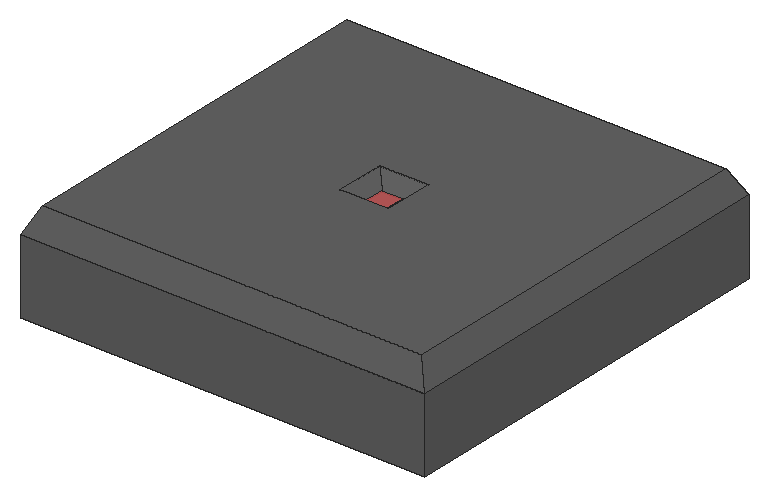
Revit family "Proximity Reader_P-530_Farpointe_R16", category Security Devices, host Face, Revit 2016
Family settings
  Host = Face
  Maintain Annotation Orientation = No
  Part Type = Normal
  Round Connector Dimension = Use Diameter
  Cut with Voids When Loaded = No
  Shared = No
  Room Calculation Point = No
Parameters
  Width = 3.25"
  URL - Quick Start Guides [instance] = "http://farpointedata.com/downloads/qsg_and_ref/ProximityReaders_QSG.pdf"
  URL - Mounting Guides Letter Size [instance] = "http://farpointedata.com/downloads/mounting_guides/MountingGuide_P530_Ltr.pdf"
  URL - Mounting Guides A4 Size [instance] = "http://farpointedata.com/downloads/mounting_guides/MountingGuide_P530_A4.pdf"
  URL - Data Sheets [instance] = "http://farpointedata.com/downloads/datasheets/P530_TDS.pdf"
  URL - Bid Specifications [instance] = "http://farpointedata.com/downloads/bid_specs/Farpointe_Pyramid_Specification.docx"
  URL = "http://www.farpointedata.com/"
  Modeled By [instance] = "www.commensestudio.com"
  Model = "P-530 Proximity Reader"  # constant formula
  Manufacturer = "Farpointe Data"  # constant formula
  LED [instance] = LED
  Height = 3.25"
  Description = "European-Sized Mount"  # constant formula
  Depth = 0.8"
  Default Elevation = 48"
  Cover [instance] = Cover
Reference planes (in)
  plane 1 "Center (Front/Back)": y = 0
  plane 2: z = 0
  plane 3 "Center (Left/Right)": x = 0
  plane 4: x = -1.625
  plane 5: x = 1.625
  plane 6: y = 1.625
  plane 7: y = -1.625
  plane 8: z = 0.8
Forms (in)
  Extrusion 1, solid, material "Cover" <- "Cover"
    sketch origin (0, 0, 0.1) x (1, 0, 0) y (0, 1, 0)
      loop
        line (-1.625, -1.625) -> (1.625, -1.625) -> (1.625, 1.625) -> (-1.625, 1.625) -> (-1.625, -1.625)
    from -0.1 to 0.5
  Blend 2, solid, material "Cover" <- "Cover"
    base sketch origin (0, 0, 0.1) x (1, 0, 0) y (0, 1, 0)
      loop
        line (-1.625, 1.625) -> (-1.625, -1.625) -> (1.625, -1.625) -> (1.625, 1.625) -> (-1.625, 1.625)
    top sketch origin (0, 0, 0.1) x (1, 0, 0) y (0, 1, 0)
      loop
        line (-1.525, 1.525) -> (-1.525, -1.525) -> (1.525, -1.525) -> (1.525, 1.525) -> (-1.525, 1.525)
    from 0.5 to 0.7
  Extrusion 3, solid, material "LED" <- "LED"
    sketch origin (0, 0, 0.1) x (1, 0, 0) y (0, 1, 0)
      loop
        line (0.085, -0.085) -> (0.085, 0.085) -> (-0.085, 0.085) -> (-0.085, -0.085) -> (0.085, -0.085)
    from 0.5 to 0.61
  Blend 4, void
    base sketch origin (0, 0, 0.1) x (1, 0, 0) y (0, 1, 0)
      loop
        line (-0.085, 0.085) -> (-0.085, -0.085) -> (0.085, -0.085) -> (0.085, 0.085) -> (-0.085, 0.085)
    top sketch origin (0, 0, 0.1) x (1, 0, 0) y (0, 1, 0)
      loop
        line (-0.19907, 0.19907) -> (-0.19907, -0.19907) -> (0.19907, -0.19907) -> (0.19907, 0.19907) -> (-0.19907, 0.19907)
    from 0.6 to 0.7
Cuts and joins
  Blend 4 cuts Blend 2
Dimensions and locks (in)
  equal spacing: plane 7, plane 1 "Center (Front/Back)", plane 6
  equal spacing: plane 4, plane 3 "Center (Left/Right)", plane 5
  "Height": plane 7 to plane 6
  "Width": plane 4 to plane 5
  "Depth": plane 8 to level
  aligned and locked: plane 2 to host face
  aligned and locked: level to host face
  aligned and locked: Blend 2 sketch curve to Extrusion 1
Automatic sketch dimensions
  host sketch curve to host sketch curve = 96"  (x2)
  Extrusion 1 sketch curve to plane 4 = 0"
  Extrusion 1 sketch curve to plane 5 = 0"
  plane 7 to Extrusion 1 sketch curve = 0"
  plane 6 to Extrusion 1 sketch curve = 0"
  Blend 2 sketch curve to plane 4 = 0"
  plane 7 to Blend 2 sketch curve = 0"
  plane 6 to Blend 2 sketch curve = 0"
  plane 4 to Blend 2 sketch curve = 0.1"
  Blend 2 sketch curve to plane 5 = 0.1"
  Blend 2 sketch curve to plane 7 = 0.1"
  plane 6 to Blend 2 sketch curve = 0.1"
  Extrusion 3 sketch curve to plane 3 "Center (Left/Right)" = 0.085"
  plane 3 "Center (Left/Right)" to Extrusion 3 sketch curve = 0.085"
  plane 1 "Center (Front/Back)" to Extrusion 3 sketch curve = 0.085"
  Extrusion 3 sketch curve to plane 1 "Center (Front/Back)" = 0.085"
  Blend 4 sketch curve to plane 3 "Center (Left/Right)" = 0.085"
  plane 3 "Center (Left/Right)" to Blend 4 sketch curve = 0.085"
  plane 1 "Center (Front/Back)" to Blend 4 sketch curve = 0.085"
  Blend 4 sketch curve to plane 1 "Center (Front/Back)" = 0.085"
  Blend 4 sketch curve to plane 3 "Center (Left/Right)" = 0.19907"
  plane 3 "Center (Left/Right)" to Blend 4 sketch curve = 0.19907"
  plane 1 "Center (Front/Back)" to Blend 4 sketch curve = 0.19907"
  Blend 4 sketch curve to plane 1 "Center (Front/Back)" = 0.19907"
Connectors (in)
  electrical at (0, 0, 0)
    settings: index 3, voltage 0 V, apparent load 0 VA, apparent load phase1 0 VA, apparent load phase2 0 VA, apparent load phase3 0 VA, power factor 1, load classification "Other", number of poles 1, system type 10, power factor state 1, is connector primary yes, connector utility no, sub classification motor no, connector description ""
